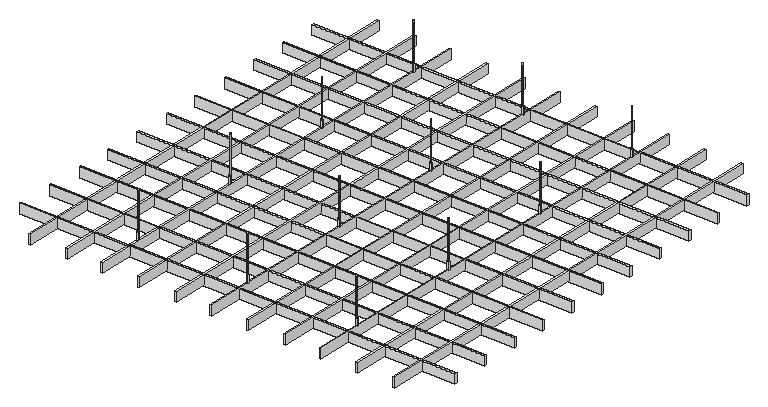
Revit family "FalsoTecho_THU_Rejilla-Milán-50", category Modelos genéricos, Revit 2016
Family settings
  Tipo de pieza = Normal
  Puede alojar armadura = No
  Cota de conector redondo = Diámetro de uso
  Número OmniClass = 23.35.70.24.11.17.14.11
  Título OmniClass = Metal Linear Ceilings
  Se basa en plano de trabajo = Sí
  Siempre vertical = No
  Corte con vacíos al cargar = Sí
  Compartido = No
  Punto de cálculo de habitación = No
Parameters (values of type "Aluminio_50x600x200x10")
  Tirantes_Separación real [instance] = (((Perfil secundario_Intereje * Bandejas_Recuento longitudinal) - Bandejas_Separación) - (Tirante inicial_Distancia a extremo * 2)) / (Tirantes_Recuento - 1)  # 630.167 mm
  Tirantes_Separación aproximada [instance] = 1000 mm  # constant formula
  Tirantes_Recuento [instance] = (((Perfil secundario_Intereje * Bandejas_Recuento longitudinal) - Bandejas_Separación) - (Tirante inicial_Distancia a extremo * 2)) / Tirantes_Separación aproximada + 2  # 4
  Tirante_Longitud [instance] = THU_Falso techo_Plenum altura  # 250 mm
  Tirante inicial_Distancia a extremo [instance] = if(Bandejas_Recuento longitudinal < 2, 25 mm, 250 mm)  # 250 mm
  THU_Velo = 1 > 2  # no
  THU_Subestructura_Material = "Aluminio"
  THU_Subestructura_Color [instance] = THU_Blanco-RAL9003
  THU_Reacción al fuego = "A2-s1, d0"
  THU_Perfil primario = Rastrel_THU_Milán : Rastrel_THU_Soporte 50
  THU_Falso techo_Área [instance] = ((Perfil secundario_Intereje * Bandejas_Recuento longitudinal) - Bandejas_Separación) * ((Perfil primario_Intereje * Bandejas_Recuento transversal) - Bandejas_Separación)  # 5.71449 m²
  THU_Falso techo_Plenum altura [instance] = 250 mm
  THU_Falso techo_Longitud [instance] = 2500 mm
  THU_Falso techo_Anchura [instance] = 2500 mm
  THU_Falso techo_Altura libre [instance] = 2500 mm
  THU_Bandeja_Material = "Aluminio"
  THU_Bandeja_Color [instance] = THU_Blanco-RAL9003
  THU_Bandeja = Bandeja_THU_Milán-50 : 200mm_(3x3 cuadrados)
  THU_Acabado = Acabado_THU_Bandejas : Liso
  Solape_Perfil y rastrel = Bandeja_Grosor  # 51 mm
  Rejilla_Separación tranversal = 193.7 mm
  Rejilla_Separación longitudinal = 193.7 mm
  Rejilla_Recuento transversal = 2
  Rejilla_Recuento longitudinal = 2
  Perfil_Altura = 51 mm  # constant formula
  Página web del producto = "http://thu.es/producto/rejilla-milan-cuadricula-milan/"
  Página web del fabricante = "http://thu.es/"
  Perfiles secundarios_Recuento [instance] = Bandejas_Recuento longitudinal - 1  # 3
  Perfiles primarios_Recuento [instance] = Bandejas_Recuento transversal - 1  # 3
  Perfil transversal_Rejilla_Longitud = Perfil secundario_Intereje - (Bandejas_Separación)  # 590.5 mm
  Perfil_Rejilla_Anchura = 9.5 mm  # constant formula
  Perfil_Rejilla_Altura = 51 mm  # constant formula
  Perfil secundario_Longitud [instance] = ((Perfil primario_Intereje * Bandejas_Recuento transversal) - Bandejas_Separación)  # 2390.5 mm
  Perfil secundario_Intereje = 600 mm
  Perfil primario_Longitud [instance] = ((Perfil secundario_Intereje * Bandejas_Recuento longitudinal) - Bandejas_Separación)  # 2390.5 mm
  Perfil primario_Intereje = 600 mm
  Perfil longitudinal_Rejilla_Longitud = Perfil primario_Intereje - (Bandejas_Separación)  # 590.5 mm
  País de fabricación = "España"
  País de diseño = "España"
  Omniclass = "23.35.70.24.11.17.14.11"
  Número de edición (versión) = 0
  Nombre del objeto = "Rejilla Milán 50"
  NBS Reference Description = "Board suspended ceiling system"
  NBS Reference = "20-10-10/110"
  Marca = "THU"
  Manual de montaje = "http://thu.es/wp-content/uploads/manuals/MM-Techos-Cuadricula-Milan.pdf"
  Fabricante = "THU Perfil S.L."
  Descripción = "Rejilla Milán en aluminio prelacado de altura 40 ó 50 mm y ancho de nervio 10mm, formando módulos de 600x600 mm con un tamaño de cuadrado interior según modelo. Los módulos de rejilla se insertan en una estructura formada por perfiles primarios y secundarios. La estructura se sustenta del forjado superior mediante piezas de cuelgue y varillas roscadas colocadas sobre los perfiles primarios. Dichos perfiles tienen el mismo ancho, alto y color que las rejillas.Existe una gran diversidad de rejillas. Por un lado se tienen las rejillas de altura 40 y 50 mm. A su vez cada uno de estos tipos se divide en rejillas de módulo: 50 (12x12 cuadrados), 60 (10x10), 75 (8x8), 86 (7x7), 100 (6x6), 150 (4x4) y 200 mm (3x3 cuadrados). El montaje de las rejillas se realiza en fábrica."
  Comentarios de tipo = "Falso techo decorativo suspendido de Rejilla/Cuadrícula Milán para ser montado en interior de edificios con perfilería THU T15."
  Bandejas_Recuento longitudinal [instance] = THU_Falso techo_Longitud / Perfil secundario_Intereje  # 4
  Bandejas_Recuento [instance] = Bandejas_Recuento longitudinal * Bandejas_Recuento transversal  # 16
  Inicio de extrusión = 0 mm  # constant formula
  IFC Classification = "Ceiling"
  Grupo del producto = "Lamas"
  Ficha técnica = "http://thu.es/wp-content/uploads/datasheets/ft-rejilla-milan-thu.pdf"
  Ficha resumen = "http://thu.es/wp-content/uploads/datasheets/THU_Techos_metalicos_Rejilla_cuadricula_Milan.pdf"
  Fecha de publicación del objeto BIM = ""
  Famila del producto = "Techos metálicos"
  Falso techo_Grosor = Bandeja_Grosor  # 51 mm
  Default Elevation = 0 mm
  Declaración de prestaciones = "http://thu.es/wp-content/uploads/declarations/dp_bandejas_milan.pdf"
  COBie Type Category = "L387 : Suspended ceilings"
  Bandejas_Separación = 9.5 mm  # constant formula
  Bandejas_Recuento transversal [instance] = THU_Falso techo_Anchura / Perfil primario_Intereje  # 4
  Bandeja_Grosor = Perfil_Rejilla_Altura  # 51 mm
Types (7, lengths in mm): name | THU_Bandeja | Rejilla_Separación tranversal | Rejilla_Separación longitudinal | Rejilla_Recuento transversal | Rejilla_Recuento longitudinal
  Aluminio_50x600x50x10 | Bandeja_THU_Milán-50 : 50mm_(12x12 cuadrados) | 41.292 | 41.292 | 11 | 11
  Aluminio_50x600x60x10 | Bandeja_THU_Milán-50 : 60mm_(10x10 cuadrados) | 51.45 | 51.45 | 9 | 9
  Aluminio_50x600x75x10 | Bandeja_THU_Milán-50 : 75mm_(8x8 cuadrados) | 66.688 | 66.688 | 7 | 7
  Aluminio_50x600x86x10 | Bandeja_THU_Milán-50 : 86mm_(7x7 cuadrados) | 77.571 | 77.571 | 6 | 6
  Aluminio_50x600x100x10 | Bandeja_THU_Milán-50 : 100mm_(6x6 cuadrados) | 92.083 | 92.083 | 5 | 5
  Aluminio_50x600x150x10 | Bandeja_THU_Milán-50 : 150mm_(4x4 cuadrados) | 142.875 | 142.875 | 3 | 3
  Aluminio_50x600x200x10 | Bandeja_THU_Milán-50 : 200mm_(3x3 cuadrados) | 193.7 | 193.7 | 2 | 2
Reference planes
  plane 1 "Centro (Frontal/Posterior)": y = 0
  plane 2: z = 0
  plane 3 "Centro (Izquierda/Derecha)": x = 0
  plane 4 "Bandejas_Límite inferior": z = 2500
  plane 5 "Rastreles_Límite inferior": z = 2500
  plane 6 "Rastreles_Límite superior": z = 2551
  plane 7 "Bandejas_Límite superior": z = 2551
  plane 8 "Tirantes_Parte superior": z = 2801
  plane 9 "Falso techo_Límite derecho": x = 2500
  plane 10 "Falso techo_Límite superior": y = 2500
Dimensions and locks
  "Perfil_Altura": plane 6 "Rastreles_Límite superior" to plane 5 "Rastreles_Límite inferior"
  "THU_Falso techo_Altura libre": level to plane 4 "Bandejas_Límite inferior"
  "Bandeja_Grosor": plane 7 "Bandejas_Límite superior" to plane 4 "Bandejas_Límite inferior"
  "Solape_Perfil y rastrel": plane 7 "Bandejas_Límite superior" to plane 5 "Rastreles_Límite inferior"
  "THU_Falso techo_Plenum altura": plane 8 "Tirantes_Parte superior" to plane 6 "Rastreles_Límite superior"
  "THU_Falso techo_Anchura": plane 3 "Centro (Izquierda/Derecha)" to plane 9 "Falso techo_Límite derecho"
  "THU_Falso techo_Longitud": plane 1 "Centro (Frontal/Posterior)" to plane 10 "Falso techo_Límite superior"
  "Perfil primario_Intereje": plane 3 "Centro (Izquierda/Derecha)" to nested 1
  equal spacing: group 1, group 2, group 3  (x3)
  "Perfil primario_Intereje": nested 1 to nested 2
  "Perfil secundario_Intereje": plane 1 "Centro (Frontal/Posterior)" to nested 4
  equal spacing: group 4, group 5, group 6  (x3)
  "Perfil secundario_Intereje": nested 4 to nested 5
  equal spacing: group 7, group 8, group 9, group 10  (x2)
  equal spacing: group 10, group 9, group 8, group 7
  aligned and locked: level to plane 2
  aligned and locked: nested 1 to plane 5 "Rastreles_Límite inferior"
  aligned and locked: nested 2 to plane 5 "Rastreles_Límite inferior"
  aligned and locked: nested 4 to plane 5 "Rastreles_Límite inferior"
  aligned and locked: nested 5 to plane 5 "Rastreles_Límite inferior"
  aligned and locked: plane 4 "Bandejas_Límite inferior" to nested 7
  aligned and locked: plane 4 "Bandejas_Límite inferior" to nested 8
Nested families
  nested 1: "Rastrel_THU_Milán" at (600, 4.8, 2500), Tirante inicial_Distancia a extremo <- "Tirante inicial_Distancia a extremo", Tirante_Longitud <- "Tirante_Longitud", Tirantes_Recuento <- "Tirantes_Recuento", THU_Color <- "THU_Subestructura_Color", Rastrel_Longitud <- "Perfil primario_Longitud", Rastrel_Altura <- "Perfil_Altura", THU_Material <- "THU_Subestructura_Material", type <- "THU_Perfil primario", type "Rastrel_THU_Soporte 50"
    with Tirantes_Recuento 4, Tirantes yes, Tirante_Longitud 250 mm, Tirante inicial_Distancia a extremo 250 mm, THU_Recuento (ml) 2390.5 mm, THU_Material "Aluminio", THU_Color THU_Blanco-RAL9003, Rastrel_Longitud 2390.5 mm, Rastrel_Anchura 9.5 mm, Rastrel_Altura 51 mm
  nested 2: "Rastrel_THU_Milán" at (1200, 4.8, 2500), Tirante inicial_Distancia a extremo <- "Tirante inicial_Distancia a extremo", Tirante_Longitud <- "Tirante_Longitud", Tirantes_Recuento <- "Tirantes_Recuento", THU_Color <- "THU_Subestructura_Color", Rastrel_Longitud <- "Perfil primario_Longitud", Rastrel_Altura <- "Perfil_Altura", THU_Material <- "THU_Subestructura_Material", type <- "THU_Perfil primario", type "Rastrel_THU_Soporte 50"
    with Tirantes_Recuento 4, Tirantes yes, Tirante_Longitud 250 mm, Tirante inicial_Distancia a extremo 250 mm, THU_Recuento (ml) 2390.5 mm, THU_Material "Aluminio", THU_Color THU_Blanco-RAL9003, Rastrel_Longitud 2390.5 mm, Rastrel_Anchura 9.5 mm, Rastrel_Altura 51 mm
  nested 3: "Rastrel_THU_Milán" at (1800, 4.8, 2500), Tirante inicial_Distancia a extremo <- "Tirante inicial_Distancia a extremo", Tirante_Longitud <- "Tirante_Longitud", Tirantes_Recuento <- "Tirantes_Recuento", THU_Color <- "THU_Subestructura_Color", Rastrel_Longitud <- "Perfil primario_Longitud", Rastrel_Altura <- "Perfil_Altura", THU_Material <- "THU_Subestructura_Material", type <- "THU_Perfil primario", type "Rastrel_THU_Soporte 50"
    with Tirantes_Recuento 4, Tirantes yes, Tirante_Longitud 250 mm, Tirante inicial_Distancia a extremo 250 mm, THU_Recuento (ml) 2390.5 mm, THU_Material "Aluminio", THU_Color THU_Blanco-RAL9003, Rastrel_Longitud 2390.5 mm, Rastrel_Anchura 9.5 mm, Rastrel_Altura 51 mm
  nested 4: "Rastrel_THU_Milán" at (4.8, 600, 2500) x (0, -1, 0) z (0, 0, 1), Tirante inicial_Distancia a extremo <- "Tirante inicial_Distancia a extremo", Tirante_Longitud <- "Tirante_Longitud", Tirantes_Recuento <- "Tirantes_Recuento", THU_Color <- "THU_Subestructura_Color", Rastrel_Longitud <- "Perfil secundario_Longitud", Rastrel_Altura <- "Perfil_Altura", THU_Material <- "THU_Subestructura_Material", type <- "THU_Perfil primario", type "Rastrel_THU_Soporte 50"
    with Tirantes_Recuento 4, Tirantes no, Tirante_Longitud 250 mm, Tirante inicial_Distancia a extremo 250 mm, THU_Recuento (ml) 2390.5 mm, THU_Material "Aluminio", THU_Color THU_Blanco-RAL9003, Rastrel_Longitud 2390.5 mm, Rastrel_Anchura 9.5 mm, Rastrel_Altura 51 mm
  nested 5: "Rastrel_THU_Milán" at (4.8, 1200, 2500) x (0, -1, 0) z (0, 0, 1), Tirante inicial_Distancia a extremo <- "Tirante inicial_Distancia a extremo", Tirante_Longitud <- "Tirante_Longitud", Tirantes_Recuento <- "Tirantes_Recuento", THU_Color <- "THU_Subestructura_Color", Rastrel_Longitud <- "Perfil secundario_Longitud", Rastrel_Altura <- "Perfil_Altura", THU_Material <- "THU_Subestructura_Material", type <- "THU_Perfil primario", type "Rastrel_THU_Soporte 50"
    with Tirantes_Recuento 4, Tirantes no, Tirante_Longitud 250 mm, Tirante inicial_Distancia a extremo 250 mm, THU_Recuento (ml) 2390.5 mm, THU_Material "Aluminio", THU_Color THU_Blanco-RAL9003, Rastrel_Longitud 2390.5 mm, Rastrel_Anchura 9.5 mm, Rastrel_Altura 51 mm
  nested 6: "Rastrel_THU_Milán" at (4.8, 1800, 2500) x (0, -1, 0) z (0, 0, 1), Tirante inicial_Distancia a extremo <- "Tirante inicial_Distancia a extremo", Tirante_Longitud <- "Tirante_Longitud", Tirantes_Recuento <- "Tirantes_Recuento", THU_Color <- "THU_Subestructura_Color", Rastrel_Longitud <- "Perfil secundario_Longitud", Rastrel_Altura <- "Perfil_Altura", THU_Material <- "THU_Subestructura_Material", type <- "THU_Perfil primario", type "Rastrel_THU_Soporte 50"
    with Tirantes_Recuento 4, Tirantes no, Tirante_Longitud 250 mm, Tirante inicial_Distancia a extremo 250 mm, THU_Recuento (ml) 2390.5 mm, THU_Material "Aluminio", THU_Color THU_Blanco-RAL9003, Rastrel_Longitud 2390.5 mm, Rastrel_Anchura 9.5 mm, Rastrel_Altura 51 mm
  nested 7: "Bandeja_THU_Milán-50" at (4.75, 4.75, 2500), Inicio de extrusión <- "Inicio de extrusión", Perfil longitudinal_Rejilla_Longitud <- "Perfil longitudinal_Rejilla_Longitud", Perfil transversal_Rejilla_Longitud <- "Perfil transversal_Rejilla_Longitud", Perfil_Rejilla_Altura <- "Perfil_Rejilla_Altura", Perfil_Rejilla_Anchura <- "Perfil_Rejilla_Anchura", Rejilla_Recuento longitudinal <- "Rejilla_Recuento longitudinal", Rejilla_Recuento transversal <- "Rejilla_Recuento transversal", Rejilla_Separación longitudinal <- "Rejilla_Separación longitudinal", Rejilla_Separación transversal <- "Rejilla_Separación tranversal", THU_Color <- "THU_Bandeja_Color", THU_Material <- "THU_Bandeja_Material", Bandejas_Separación <- "Bandejas_Separación", Bandejas_Recuento transversal <- "Bandejas_Recuento transversal", type <- "THU_Bandeja", type "200mm_(3x3 cuadrados)"
    with Tipo de bandeja none, THU_Recuento (ud) 4, THU_Material "Aluminio", THU_Color THU_Blanco-RAL9003, Rejilla_Separación transversal 193.7 mm, Rejilla_Separación longitudinal 193.7 mm, Rejilla_Recuento transversal 2, Rejilla_Recuento longitudinal 2, Perfil_Rejilla_Anchura 9.5 mm, Perfil_Rejilla_Altura 51 mm, Perfil transversal_Rejilla_Longitud 590.5 mm, Perfil longitudinal_Rejilla_Longitud 590.5 mm, Inicio de extrusión 0 mm, Bandejas_Separación 9.5 mm, Bandejas_Recuento transversal 4
  nested 8: "Bandeja_THU_Milán-50" at (4.75, 604.75, 2500), Inicio de extrusión <- "Inicio de extrusión", Perfil longitudinal_Rejilla_Longitud <- "Perfil longitudinal_Rejilla_Longitud", Perfil transversal_Rejilla_Longitud <- "Perfil transversal_Rejilla_Longitud", Perfil_Rejilla_Altura <- "Perfil_Rejilla_Altura", Perfil_Rejilla_Anchura <- "Perfil_Rejilla_Anchura", Rejilla_Recuento longitudinal <- "Rejilla_Recuento longitudinal", Rejilla_Recuento transversal <- "Rejilla_Recuento transversal", Rejilla_Separación longitudinal <- "Rejilla_Separación longitudinal", Rejilla_Separación transversal <- "Rejilla_Separación tranversal", THU_Color <- "THU_Bandeja_Color", THU_Material <- "THU_Bandeja_Material", Bandejas_Separación <- "Bandejas_Separación", Bandejas_Recuento transversal <- "Bandejas_Recuento transversal", type <- "THU_Bandeja", type "200mm_(3x3 cuadrados)"
    with Tipo de bandeja none, THU_Recuento (ud) 4, THU_Material "Aluminio", THU_Color THU_Blanco-RAL9003, Rejilla_Separación transversal 193.7 mm, Rejilla_Separación longitudinal 193.7 mm, Rejilla_Recuento transversal 2, Rejilla_Recuento longitudinal 2, Perfil_Rejilla_Anchura 9.5 mm, Perfil_Rejilla_Altura 51 mm, Perfil transversal_Rejilla_Longitud 590.5 mm, Perfil longitudinal_Rejilla_Longitud 590.5 mm, Inicio de extrusión 0 mm, Bandejas_Separación 9.5 mm, Bandejas_Recuento transversal 4
  nested 9: "Bandeja_THU_Milán-50" at (4.75, 1204.75, 2500), Inicio de extrusión <- "Inicio de extrusión", Perfil longitudinal_Rejilla_Longitud <- "Perfil longitudinal_Rejilla_Longitud", Perfil transversal_Rejilla_Longitud <- "Perfil transversal_Rejilla_Longitud", Perfil_Rejilla_Altura <- "Perfil_Rejilla_Altura", Perfil_Rejilla_Anchura <- "Perfil_Rejilla_Anchura", Rejilla_Recuento longitudinal <- "Rejilla_Recuento longitudinal", Rejilla_Recuento transversal <- "Rejilla_Recuento transversal", Rejilla_Separación longitudinal <- "Rejilla_Separación longitudinal", Rejilla_Separación transversal <- "Rejilla_Separación tranversal", THU_Color <- "THU_Bandeja_Color", THU_Material <- "THU_Bandeja_Material", Bandejas_Separación <- "Bandejas_Separación", Bandejas_Recuento transversal <- "Bandejas_Recuento transversal", type <- "THU_Bandeja", type "200mm_(3x3 cuadrados)"
    with Tipo de bandeja none, THU_Recuento (ud) 4, THU_Material "Aluminio", THU_Color THU_Blanco-RAL9003, Rejilla_Separación transversal 193.7 mm, Rejilla_Separación longitudinal 193.7 mm, Rejilla_Recuento transversal 2, Rejilla_Recuento longitudinal 2, Perfil_Rejilla_Anchura 9.5 mm, Perfil_Rejilla_Altura 51 mm, Perfil transversal_Rejilla_Longitud 590.5 mm, Perfil longitudinal_Rejilla_Longitud 590.5 mm, Inicio de extrusión 0 mm, Bandejas_Separación 9.5 mm, Bandejas_Recuento transversal 4
  nested 10: "Bandeja_THU_Milán-50" at (4.75, 1804.75, 2500), Inicio de extrusión <- "Inicio de extrusión", Perfil longitudinal_Rejilla_Longitud <- "Perfil longitudinal_Rejilla_Longitud", Perfil transversal_Rejilla_Longitud <- "Perfil transversal_Rejilla_Longitud", Perfil_Rejilla_Altura <- "Perfil_Rejilla_Altura", Perfil_Rejilla_Anchura <- "Perfil_Rejilla_Anchura", Rejilla_Recuento longitudinal <- "Rejilla_Recuento longitudinal", Rejilla_Recuento transversal <- "Rejilla_Recuento transversal", Rejilla_Separación longitudinal <- "Rejilla_Separación longitudinal", Rejilla_Separación transversal <- "Rejilla_Separación tranversal", THU_Color <- "THU_Bandeja_Color", THU_Material <- "THU_Bandeja_Material", Bandejas_Separación <- "Bandejas_Separación", Bandejas_Recuento transversal <- "Bandejas_Recuento transversal", type <- "THU_Bandeja", type "200mm_(3x3 cuadrados)"
    with Tipo de bandeja none, THU_Recuento (ud) 4, THU_Material "Aluminio", THU_Color THU_Blanco-RAL9003, Rejilla_Separación transversal 193.7 mm, Rejilla_Separación longitudinal 193.7 mm, Rejilla_Recuento transversal 2, Rejilla_Recuento longitudinal 2, Perfil_Rejilla_Anchura 9.5 mm, Perfil_Rejilla_Altura 51 mm, Perfil transversal_Rejilla_Longitud 590.5 mm, Perfil longitudinal_Rejilla_Longitud 590.5 mm, Inicio de extrusión 0 mm, Bandejas_Separación 9.5 mm, Bandejas_Recuento transversal 4
Definition of nested family "Rastrel_THU_Milán"
  Parameters (values of type "Rastrel_THU_Soporte 40")
    Tirantes_Recuento [instance] = 2
    Tirantes [instance] = yes
    Tirante_Longitud [instance] = 250 mm
    Tirante inicial_Distancia a extremo [instance] = 100 mm
    THU_Recuento (ml) [instance] = Rastrel_Longitud  # 1000 mm
    THU_Mediciones = 1 < 2  # yes
    THU_Material [instance] = "Aluminio"
    THU_Color [instance] = none
    Rastrel_Longitud [instance] = 1000 mm
    Rastrel_Anchura [instance] = 9.5 mm  # constant formula
    Rastrel_Altura [instance] = 40 mm
    Nombre del objeto = "Rastrel Milán"
    Default Elevation = 0 mm
  Types (2, lengths in mm): name | Rastrel_Altura
    Rastrel_THU_Soporte 40 | 40
    Rastrel_THU_Soporte 50 | 50
  Reference planes
    plane 1 "Centro (Frontal/Posterior)": y = 0
    plane 2: z = 0
    plane 3 "Centro (Izquierda/Derecha)": x = 0
    plane 4 "Rastrel_Cara superior": z = 40
  Forms (mm)
    Extrusion 1, solid, material <- "THU_Color", detail levels medium+fine
      sketch origin (0, 0, 0) x (1, 0, 0) y (0, 0, 1)
        loop
          line (-4.75, 0) -> (4.75, 0) -> (4.75, 40) -> (-4.75, 40) -> (-4.75, 0)
      from -1000 to 0
  Dimensions and locks
    equal spacing: Extrusion 1, plane 3 "Centro (Izquierda/Derecha)", Extrusion 1
    "Rastrel_Altura": plane 4 "Rastrel_Cara superior" to plane 2
    "Rastrel_Anchura": Extrusion 1 to Extrusion 1
    "Rastrel_Longitud": plane 1 "Centro (Frontal/Posterior)" to Extrusion 1
    "Rastrel_Altura": Extrusion 1 sketch curve to level
    "Tirante inicial_Distancia a extremo": plane 1 "Centro (Frontal/Posterior)" to nested 1
    group 1 to group 2 = 0 mm  (x2)
    group 1 to group 2 = 800 mm
    "Tirante inicial_Distancia a extremo": Extrusion 1 to nested 2
    aligned and locked: level to plane 2
    aligned and locked: plane 1 "Centro (Frontal/Posterior)" to Extrusion 1
    aligned and locked: Extrusion 1 to plane 1 "Centro (Frontal/Posterior)"
    aligned and locked: plane 3 "Centro (Izquierda/Derecha)" to nested 1
    aligned and locked: plane 3 "Centro (Izquierda/Derecha)" to nested 2
    aligned and locked: nested 1 to plane 4 "Rastrel_Cara superior"
    aligned and locked: nested 2 to plane 4 "Rastrel_Cara superior"
  Automatic sketch dimensions
    Extrusion 1 sketch curve to level = 0 mm
    Extrusion 1 sketch curve to plane 3 "Centro (Izquierda/Derecha)" = 4.75 mm
    plane 3 "Centro (Izquierda/Derecha)" to Extrusion 1 sketch curve = 4.75 mm
  Nested families
    nested 1: "Tirantes_THU" at (0, 100, 40), Tirante_Material <- "THU_Color", Tirante_Longitud <- "Tirante_Longitud", visible <- "Tirantes", type "Tirante - Rastreles", detail levels fine
      with Tirante_Material none, Tirante_Longitud 250 mm
    nested 2: "Tirantes_THU" at (0, 900, 40), Tirante_Material <- "THU_Color", Tirante_Longitud <- "Tirante_Longitud", visible <- "Tirantes", type "Tirante - Rastreles", detail levels fine
      with Tirante_Material none, Tirante_Longitud 250 mm
  Definition of nested family "Tirantes_THU"
    Parameters (values of type "Tirante - Perfil triangular")
      Tirante_Material [instance] = none
      Tirante_Longitud [instance] = 250 mm
      Pieza de cuelgue_Altura = 20 mm
      Pieza de cualgue_Anchura = 26 mm
      Perfiles = no
      Perfil triangular = yes
      Rastreles = no
      Default Elevation = 0 mm
    Types (3, lengths in mm): name | Pieza de cuelgue_Altura | Pieza de cualgue_Anchura | Perfiles | Perfil triangular | Rastreles
      Tirante - Rastreles | 40 | 10 | no | no | yes
      Tirante - Perfil triangular | 20 | 26 | no | yes | no
      Tirante - Perfiles | 20 | 10.5 | yes | no | no
    Reference planes
      plane 1 "Centro (Frontal/Posterior)": y = 0
      plane 2: z = 0
      plane 3 "Centro (Izquierda/Derecha)": x = 0
      plane 4 "Perfil_Cara superior": z = 20
      plane 5 "Tirantes_Límite superior": z = 250
      plane 6 "Pieza de cuelgue_Lateral izquierdo": x = -13
      plane 7 "Pieza de cuelgue_Lateral derecho": x = 13
    Forms (mm)
      Extrusion 1, solid, material <- "Tirante_Material"
        sketch origin (0, 0, 0) x (1, 0, 0) y (0, 1, 0)
          loop
            circle (0, 0) r 1.5
        from 20 to 250
      Extrusion 2, solid, material <- "Tirante_Material", visible <- "Perfiles"
        sketch origin (0, 0, 0) x (1, 0, 0) y (0, 0, 1)
          loop
            line (-13, 20) -> (-13, 0) -> (-8.759, 0) -> (-8.759, 2) -> (-10.518, 2) -> (-10.518, 11) -> (10.518, 11) -> (10.518, 2) -> (8.759, 2) -> (8.759, 0) -> (13, 0) -> (13, 20) -> (-13, 20)
        from -1 to 1
      Extrusion 3, solid, material <- "Tirante_Material", visible <- "Perfil triangular"
        sketch origin (0, 0, 0) x (1, 0, 0) y (0, 0, 1)
          loop
            line (0, 20) -> (-13, 20) -> (-13, 18) -> (-1, 18) -> (-1, 2.022) -> (-13, 2.022) -> (-13, 0) -> (0, 0) -> (13, 0) -> (13, 2.022) -> (1, 2.022) -> (1, 18) -> (13, 18) -> (13, 20) -> (0, 20)
        from -7.5 to 7.5
      Extrusion 4, solid, material <- "Tirante_Material", visible <- "Rastreles"
        sketch origin (0, 0, 0) x (1, 0, 0) y (0, 0, 1)
          loop
            line (-13, 0) -> (13, 0) -> (13, 20) -> (-13, 20) -> (-13, 0)
        from -1 to 1
    Dimensions and locks
      equal spacing: Extrusion 2, plane 1 "Centro (Frontal/Posterior)", Extrusion 2
      "Tirante_Longitud": plane 5 "Tirantes_Límite superior" to level
      "Pieza de cuelgue_Altura": plane 4 "Perfil_Cara superior" to level
      "Pieza de cualgue_Anchura": plane 7 "Pieza de cuelgue_Lateral derecho" to plane 6 "Pieza de cuelgue_Lateral izquierdo"
      equal spacing: plane 7 "Pieza de cuelgue_Lateral derecho", plane 3 "Centro (Izquierda/Derecha)", plane 6 "Pieza de cuelgue_Lateral izquierdo"
      locked: Extrusion 2 sketch curve to Extrusion 2 sketch curve at 2.482  (x2)
      locked: Extrusion 2 sketch curve to Extrusion 2 sketch curve at 9
      locked: Extrusion 2 sketch curve to Extrusion 2 sketch curve at 4.241  (x2)
      locked: Extrusion 3 sketch curve to Extrusion 3 sketch curve at 2  (x2)
      locked: Extrusion 3 sketch curve to Extrusion 3 sketch curve at 2.022
      aligned and locked: level to plane 2
      aligned and locked: plane 5 "Tirantes_Límite superior" to Extrusion 1
      aligned and locked: Extrusion 1 to plane 4 "Perfil_Cara superior"
      aligned and locked: Extrusion 1 to Extrusion 2
      aligned and locked: Extrusion 2 to level
      aligned and locked: Extrusion 3 sketch curve to Extrusion 3 sketch curve  (x4)
      aligned and locked: plane 4 "Perfil_Cara superior" to Extrusion 4 sketch curve
      aligned and locked: plane 7 "Pieza de cuelgue_Lateral derecho" to Extrusion 4 sketch curve
      aligned and locked: Extrusion 4 sketch curve to plane 6 "Pieza de cuelgue_Lateral izquierdo"
      aligned and locked: plane 6 "Pieza de cuelgue_Lateral izquierdo" to Extrusion 2 sketch curve
      aligned and locked: Extrusion 3 sketch curve to plane 7 "Pieza de cuelgue_Lateral derecho"
      aligned and locked: Extrusion 3 sketch curve to plane 6 "Pieza de cuelgue_Lateral izquierdo"
      aligned and locked: Extrusion 2 sketch curve to Extrusion 2 sketch curve
    Automatic sketch dimensions
      plane 1 "Centro (Frontal/Posterior)" to Extrusion 1 sketch curve = 0 mm
      Extrusion 1 sketch curve to plane 3 "Centro (Izquierda/Derecha)" = 0 mm
      Extrusion 2 sketch curve to level = 0 mm  (x2)
      Extrusion 2 sketch curve to plane 4 "Perfil_Cara superior" = 0 mm
      level to Extrusion 2 sketch curve = 2 mm
      Extrusion 3 sketch curve to plane 4 "Perfil_Cara superior" = 0 mm
      Extrusion 3 sketch curve to level = 0 mm
      Extrusion 3 sketch curve to plane 3 "Centro (Izquierda/Derecha)" = 0 mm  (x2)
      plane 3 "Centro (Izquierda/Derecha)" to Extrusion 3 sketch curve = 1 mm
      Extrusion 2 sketch curve to plane 7 "Pieza de cuelgue_Lateral derecho" = 0 mm
      Extrusion 4 sketch curve to level = 0 mm
      radius of Extrusion 1 sketch curve = 1.5 mm
Definition of nested family "Bandeja_THU_Milán-50"
  Parameters (values of type "86mm_(7x7 cuadrados)")
    Tipo de bandeja [instance] = Rejilla_THU_Milán-50 : 86mm_(7x7 cuadrados)
    THU_Recuento (ud) [instance] = Bandejas_Recuento transversal  # 2
    THU_Mediciones = 1 < 2  # yes
    THU_Material [instance] = "Aluminio"
    THU_Color [instance] = none
    Rejilla_Separación transversal [instance] = 77.571 mm
    Rejilla_Separación longitudinal [instance] = 77.571 mm
    Rejilla_Recuento transversal [instance] = 6
    Rejilla_Recuento longitudinal [instance] = 6
    Perfil_Rejilla_Anchura [instance] = 9.5 mm
    Perfil_Rejilla_Altura [instance] = 51 mm
    Perfil transversal_Rejilla_Longitud [instance] = 590.5 mm
    Perfil longitudinal_Rejilla_Longitud [instance] = 590.5 mm
    Nombre del objeto = "Rejilla Milán"
    Inicio de extrusión [instance] = 0 mm
    Default Elevation = 0 mm
    Bandejas_Recuento transversal [instance] = 2
    Bandejas_Separación [instance] = 9.5 mm
  Types (7, lengths in mm): name | Tipo de bandeja | Rejilla_Separación transversal | Rejilla_Separación longitudinal | Rejilla_Recuento transversal | Rejilla_Recuento longitudinal
    150mm_(4x4 cuadrados) | Rejilla_THU_Milán-50 : 150mm_(4x4 cuadrados) | 142.9 | 142.9 | 3 | 3
    100mm_(6x6 cuadrados) | Rejilla_THU_Milán-50 : 100mm_(6x6 cuadrados) | 92.083 | 92.083 | 5 | 5
    86mm_(7x7 cuadrados) | Rejilla_THU_Milán-50 : 86mm_(7x7 cuadrados) | 77.571 | 77.571 | 6 | 6
    75mm_(8x8 cuadrados) | Rejilla_THU_Milán-50 : 75mm_(8x8 cuadrados) | 66.688 | 66.688 | 7 | 7
    60mm_(10x10 cuadrados) | Rejilla_THU_Milán-50 : 60mm_(10x10 cuadrados) | 51.45 | 51.45 | 9 | 9
    50mm_(12x12 cuadrados) | Rejilla_THU_Milán-50 : 50mm_(12x12 cuadrados) | 41.292 | 41.292 | 11 | 11
    200mm_(3x3 cuadrados) | Rejilla_THU_Milán-50 : 200mm_(3x3 cuadrados) | 193.7 | 193.7 | 2 | 2
  Reference planes
    plane 1 "Centro (Frontal/Posterior)": y = 0
    plane 2: z = 0
    plane 3 "Centro (Izquierda/Derecha)": x = 0
  Lines and regions (mm)
    reference lines
      curve 1: line (0, 0, 0) -> (0, 600, 0)
      curve 2: line (0, 0, 0) -> (600, 0, 0)
      curve 3: line (600, 0, 0) -> (600, 600, 0)
      curve 4: line (600, 0, 0) -> (1200, 0, 0)
  Dimensions and locks
    group 1 to group 2 = 600 mm
    group 1 to group 2 = 0 mm  (x2)
    "Bandejas_Separación": nested 1 to nested 2
    aligned and locked: level to plane 2
    aligned and locked: curve 1 to nested 1
  Automatic sketch dimensions
    curve 1 to curve 1 = 600 mm
    curve 1 to curve 2 = 600 mm
    curve 3 to curve 3 = 600 mm
    curve 3 to curve 4 = 600 mm
  Nested families
    nested 1: "Rejilla_THU_Milán-50" at (0, 590.5, 0), Inicio de extrusión <- "Inicio de extrusión", Perfil longitudinal_Rejilla_Longitud <- "Perfil longitudinal_Rejilla_Longitud", Perfil transversal_Rejilla_Longitud <- "Perfil transversal_Rejilla_Longitud", Perfil_Rejilla_Altura <- "Perfil_Rejilla_Altura", Perfil_Rejilla_Anchura <- "Perfil_Rejilla_Anchura", Rejilla_Separación longitudinal <- "Rejilla_Separación longitudinal", Rejilla_Separación transversal <- "Rejilla_Separación transversal", Color <- "THU_Color", Material <- "THU_Material", Rejilla_Recuento longitudinal <- "Rejilla_Recuento longitudinal", Rejilla_Recuento transversal <- "Rejilla_Recuento transversal", type <- "Tipo de bandeja", type "86mm_(7x7 cuadrados)"
      with Rejilla_Separación transversal 77.571 mm, Rejilla_Separación longitudinal 77.571 mm, Rejilla_Recuento transversal 6, Rejilla_Recuento longitudinal 6, Perfil_Rejilla_Anchura 9.5 mm, Perfil_Rejilla_Altura 51 mm, Perfil transversal_Rejilla_Longitud 590.5 mm, Perfil longitudinal_Rejilla_Longitud 590.5 mm, Material "Aluminio", Inicio de extrusión 0 mm, Color none
    nested 2: "Rejilla_THU_Milán-50" at (600, 590.5, 0), Inicio de extrusión <- "Inicio de extrusión", Perfil longitudinal_Rejilla_Longitud <- "Perfil longitudinal_Rejilla_Longitud", Perfil transversal_Rejilla_Longitud <- "Perfil transversal_Rejilla_Longitud", Perfil_Rejilla_Altura <- "Perfil_Rejilla_Altura", Perfil_Rejilla_Anchura <- "Perfil_Rejilla_Anchura", Rejilla_Separación longitudinal <- "Rejilla_Separación longitudinal", Rejilla_Separación transversal <- "Rejilla_Separación transversal", Color <- "THU_Color", Material <- "THU_Material", Rejilla_Recuento longitudinal <- "Rejilla_Recuento longitudinal", Rejilla_Recuento transversal <- "Rejilla_Recuento transversal", type <- "Tipo de bandeja", type "86mm_(7x7 cuadrados)"
      with Rejilla_Separación transversal 77.571 mm, Rejilla_Separación longitudinal 77.571 mm, Rejilla_Recuento transversal 6, Rejilla_Recuento longitudinal 6, Perfil_Rejilla_Anchura 9.5 mm, Perfil_Rejilla_Altura 51 mm, Perfil transversal_Rejilla_Longitud 590.5 mm, Perfil longitudinal_Rejilla_Longitud 590.5 mm, Material "Aluminio", Inicio de extrusión 0 mm, Color none
  Definition of nested family "Rejilla_THU_Milán-50"
    Parameters (values of type "200mm_(3x3 cuadrados)")
      Rejilla_Separación transversal [instance] = 193.7 mm
      Rejilla_Separación longitudinal [instance] = 193.7 mm
      Rejilla_Recuento transversal [instance] = 2
      Rejilla_Recuento longitudinal [instance] = 2
      Perfil transversal_Rejilla_Longitud [instance] = 600 mm
      Perfil longitudinal_Rejilla_Longitud [instance] = 600 mm
      Perfil_Rejilla_Anchura [instance] = 9.5 mm
      Perfil_Rejilla_Altura [instance] = 51 mm
      Material [instance] = "Acero"
      Inicio de extrusión [instance] = 0 mm
      Default Elevation = 0 mm
      Color [instance] = none
    Types (7, lengths in mm): name | Rejilla_Separación transversal | Rejilla_Separación longitudinal | Rejilla_Recuento transversal | Rejilla_Recuento longitudinal
      150mm_(4x4 cuadrados) | 142.875 | 142.875 | 3 | 3
      100mm_(6x6 cuadrados) | 92.083 | 92.083 | 5 | 5
      86mm_(7x7 cuadrados) | 77.571 | 77.571 | 6 | 6
      75mm_(8x8 cuadrados) | 66.688 | 66.688 | 7 | 7
      60mm_(10x10 cuadrados) | 51.45 | 51.45 | 9 | 9
      50mm_(12x12 cuadrados) | 41.292 | 41.292 | 11 | 11
      200mm_(3x3 cuadrados) | 193.7 | 193.7 | 2 | 2
    Reference planes
      plane 1 "Centro (Frontal/Posterior)": y = 0
      plane 2: z = 0
      plane 3 "Centro (Izquierda/Derecha)": x = 0
    Forms (mm)
      Extrusion 1, solid, material <- "Color"
        sketch origin (75.932, 0, 0) x (1, 0, 0) y (0, 0, 1)
          loop
            line (117.768, 0) -> (127.268, 0) -> (127.268, 51) -> (117.768, 51) -> (117.768, 0)
        from 0 <- "Inicio de extrusión" to 600 <- "Perfil longitudinal_Rejilla_Longitud"
      Extrusion 2, solid, material <- "Color"
        sketch origin (0, -93.479, 0) x (0, 1, 0) y (0, 0, 1)
          loop
            line (-100.221, 0) -> (-100.221, 51) -> (-109.721, 51) -> (-109.721, 0) -> (-100.221, 0)
        from 0 <- "Inicio de extrusión" to 600 <- "Perfil transversal_Rejilla_Longitud"
      Extrusion 3, solid, material <- "Color"
        sketch origin (0, -296.679, 0) x (0, 1, 0) y (0, 0, 1)
          loop
            line (-100.221, 0) -> (-100.221, 51) -> (-109.721, 51) -> (-109.721, 0) -> (-100.221, 0)
        from 0 <- "Inicio de extrusión" to 600 <- "Perfil transversal_Rejilla_Longitud"
      Extrusion 4, solid, material <- "Color", not visible
        sketch origin (0, 22.649, 0) x (0, 1, 0) y (0, 0, 1)
          loop
            line (-100.221, 0) -> (-100.221, 51) -> (-109.721, 51) -> (-109.721, 0) -> (-100.221, 0)
        from 0 <- "Inicio de extrusión" to 600 <- "Perfil transversal_Rejilla_Longitud"
      Extrusion 5, solid, not visible
        sketch origin (-40.196, 0, 0) x (1, 0, 0) y (0, 0, 1)
          loop
            line (117.768, 0) -> (127.268, 0) -> (127.268, 41) -> (117.768, 41) -> (117.768, 0)
        from 0 <- "Inicio de extrusión" to 600 <- "Perfil longitudinal_Rejilla_Longitud"
      Extrusion 6, solid, not visible
        sketch origin (-40.196, 0, 0) x (1, 0, 0) y (0, 0, 1)
          loop
            line (117.768, 0) -> (127.268, 0) -> (127.268, 41) -> (117.768, 41) -> (117.768, 0)
        from 0 <- "Inicio de extrusión" to 600 <- "Perfil longitudinal_Rejilla_Longitud"
      Extrusion 7, solid, not visible
        sketch origin (46.875, 0, 0) x (1, 0, 0) y (0, 0, 1)
          loop
            line (117.768, 0) -> (127.268, 0) -> (127.268, 41) -> (117.768, 41) -> (117.768, 0)
        from 0 <- "Inicio de extrusión" to 600 <- "Perfil longitudinal_Rejilla_Longitud"
      Extrusion 8, solid, material <- "Color", not visible
        sketch origin (0, 22.649, 0) x (0, 1, 0) y (0, 0, 1)
          loop
            line (-100.221, 0) -> (-100.221, 51) -> (-109.721, 51) -> (-109.721, 0) -> (-100.221, 0)
        from 0 <- "Inicio de extrusión" to 600 <- "Perfil transversal_Rejilla_Longitud"
      Extrusion 9, solid, material <- "Color", not visible
        sketch origin (0, -64.422, 0) x (0, 1, 0) y (0, 0, 1)
          loop
            line (-100.221, 0) -> (-100.221, 51) -> (-109.721, 51) -> (-109.721, 0) -> (-100.221, 0)
        from 0 <- "Inicio de extrusión" to 600 <- "Perfil transversal_Rejilla_Longitud"
      Extrusion 10, solid, material <- "Color"
        sketch origin (279.132, 0, 0) x (1, 0, 0) y (0, 0, 1)
          loop
            line (117.768, 0) -> (127.268, 0) -> (127.268, 51) -> (117.768, 51) -> (117.768, 0)
        from 0 <- "Inicio de extrusión" to 600 <- "Perfil longitudinal_Rejilla_Longitud"
    Dimensions and locks
      "Perfil_Rejilla_Anchura": Extrusion 1 sketch curve to Extrusion 1 sketch curve
      "Rejilla_Separación transversal": plane 3 "Centro (Izquierda/Derecha)" to Extrusion 1
      "Perfil_Rejilla_Anchura": Extrusion 2 sketch curve to Extrusion 2 sketch curve
      "Rejilla_Separación longitudinal": Extrusion 2 to plane 1 "Centro (Frontal/Posterior)"
      "Perfil_Rejilla_Anchura": Extrusion 3 sketch curve to Extrusion 3 sketch curve
      group 1 to group 2 = 0 mm  (x2)
      group 2 to group 1 = 203.2 mm
      "Rejilla_Separación longitudinal": Extrusion 3 to Extrusion 2
      "Perfil_Rejilla_Anchura": Extrusion 4 sketch curve to Extrusion 4 sketch curve
      "Perfil_Rejilla_Anchura": Extrusion 5 sketch curve to Extrusion 5 sketch curve
      "Perfil_Rejilla_Anchura": Extrusion 6 sketch curve to Extrusion 6 sketch curve
      "Perfil_Rejilla_Anchura": Extrusion 7 sketch curve to Extrusion 7 sketch curve
      group 5 to group 6 = 87.071 mm
      group 5 to group 6 = 0 mm  (x2)
      "Perfil_Rejilla_Anchura": Extrusion 8 sketch curve to Extrusion 8 sketch curve
      "Perfil_Rejilla_Anchura": Extrusion 9 sketch curve to Extrusion 9 sketch curve
      group 7 to group 8 = 0 mm  (x2)
      group 8 to group 7 = 87.071 mm
      "Perfil_Rejilla_Anchura": Extrusion 10 sketch curve to Extrusion 10 sketch curve
      group 10 to group 11 = 203.2 mm
      group 10 to group 11 = 0 mm  (x2)
      "Perfil_Rejilla_Altura": Extrusion 1 sketch curve to Extrusion 1 sketch curve
      "Perfil_Rejilla_Altura": Extrusion 10 sketch curve to Extrusion 10 sketch curve
      "Perfil_Rejilla_Altura": Extrusion 2 sketch curve to Extrusion 2 sketch curve
      "Perfil_Rejilla_Altura": Extrusion 3 sketch curve to Extrusion 3 sketch curve
      "Perfil_Rejilla_Altura": Extrusion 4 sketch curve to Extrusion 4 sketch curve
      "Perfil_Rejilla_Altura": Extrusion 8 sketch curve to Extrusion 8 sketch curve
      "Perfil_Rejilla_Altura": Extrusion 9 sketch curve to Extrusion 9 sketch curve
      "Rejilla_Separación transversal": Extrusion 1 to Extrusion 10
      aligned and locked: level to plane 2
    Automatic sketch dimensions
      Extrusion 5 sketch curve to Extrusion 5 sketch curve = 41 mm
      Extrusion 6 sketch curve to Extrusion 6 sketch curve = 41 mm
      Extrusion 7 sketch curve to Extrusion 7 sketch curve = 41 mm
